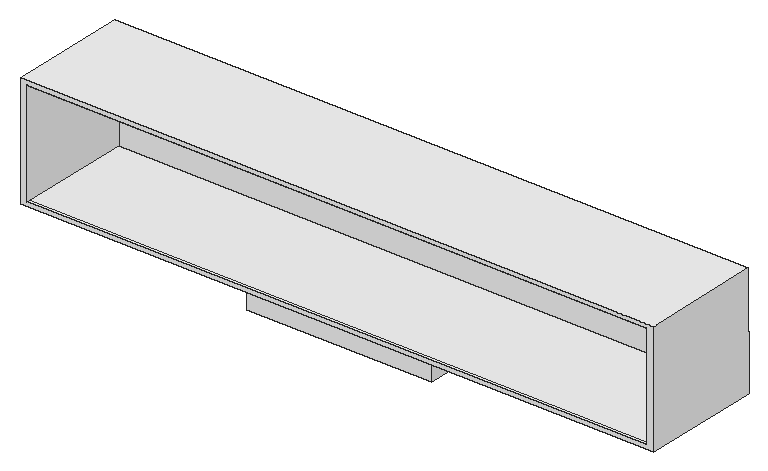
Revit family "4L-W-D", category Lighting Fixtures, host Face, Revit 2021
Family settings
  Host = Face
  Round Connector Dimension = Use Diameter
  Part Type = Normal
  OmniClass Number = 23.80.70.11.14.17
  OmniClass Title = Direct/Indirect
  Cut with Voids When Loaded = No
  Light Source = Yes
  Shared = Yes
  Room Calculation Point = No
Parameters (values of type "4L-W-D-02")
  zz YesNo 2 = no
  zz YesNo 1 = yes
  Wattage = 4 W
  Warranty = "5-Years Warranty"  # constant formula
  built-in parameter 1150110 = 1 (stored number, unit not read)
  Voltage = 120 V
  Type Comments = "Lighting Fixture"  # constant formula
  built-in parameter 1114217 = 1 (stored number, unit not read)
  Tilt Angle = -90.00°
  built-in parameter 1150109 = 1 (stored number, unit not read)
  built-in parameter 1150134 = (empty or 0)
  built-in parameter 1150113 = 1 (stored number, unit not read)
  Product Page URL = ""
  Product Documentation Link = ""
  Power Factor = 1
  Photometric Web File = "4L-W-AD-4-ASYM-X-CX-35K-D030.ies"
  Photometric Notes = "For more Photometric web files please find the photmetric web link"  # constant formula
  zz Length 1 = 2' - 0"
  Wattage Comments = ""
  URL = "https://www.currentlighting.com/litecontrol"
  Mounting = "Wall-Mount"  # constant formula
  Model = "MOD 4 LED Wall Direct"  # constant formula
  Manufacturer = "Litecontrol"  # constant formula
  built-in parameter 1150105 = 39.789 (stored number, unit not read)
  Lumens = 500 lm
  built-in parameter 1150115 = 1 (stored number, unit not read)
  Load Classification = Lighting
  built-in parameter 1150137 = (empty or 0)
  built-in parameter 1150139 = (empty or 0)
  built-in parameter 1150112 = 1 (stored number, unit not read)
  built-in parameter 1150114 = 1 (stored number, unit not read)
  Lamp = "LED"  # constant formula
  built-in parameter 1150132 = (empty or 0)
  built-in parameter 1150102 = (empty or 0)
  built-in parameter 1150107 = 3500 (stored number, unit not read)
  built-in parameter 1150138 = (empty or 0)
  built-in parameter 1150106 = 0.39789 (stored number, unit not read)
  Glass = Glass - White
  Fixture Distribution = "Direct"  # constant formula
  Emit from Rectangle Width = zz Length 1 - 0' 0 1/2"  # 1' - 11 1/2"
  Emit from Rectangle Length = 0' - 4"  # constant formula
  Emit Shape Visible in Rendering = no
  built-in parameter 1150104 = 11.613 (stored number, unit not read)
  Dimming Lamp Color Temperature Shift = <None>
  Diming Protocol = "0-10V, Lutron 2-Wire, Lutron 3-Wire, Lutron Ecosystem Digital, Step-dimming"  # constant formula
  Description = "The MOD™ 4L LED Wall Direct (4L-W-D) is part of the MODx family, which is an affordably-priced, full-featured offering with best-in-class attention to detail."  # constant formula
  Default Elevation = 4' - 0"
  Copyright = "Copyright © Litecontrol"  # constant formula
  Contact Us = ""
  Color Filter = 16777215
  built-in parameter 1114218 = 1 (stored number, unit not read)
  Housing Material = Paint -  Matte White
  built-in parameter 1150133 = 10 (stored number, unit not read)
  Assembly Code = "D5020200"
  Apparent Load = 0 VA
Types (7): name | zz YesNo 2 | zz YesNo 1 | zz Length 1 | Emit from Rectangle Width
  (no name) | no | yes | 2' - 0" | 1' - 11 1/2"
  4L-W-D-02 | no | yes | 2' - 0" | 1' - 11 1/2"
  4L-W-D-03 | yes | no | 3' - 0" | 2' - 11 1/2"
  4L-W-D-04 | yes | no | 4' - 0" | 3' - 11 1/2"
  4L-W-D-05 | yes | no | 5' - 0" | 4' - 11 1/2"
  4L-W-D-06 | yes | no | 6' - 0" | 5' - 11 1/2"
  4L-W-D-08 | yes | no | 8' - 0" | 7' - 11 1/2"
Reference planes (in)
  plane 1 "Center (Front/Back)": y = 11.51342
  plane 2: z = 0
  plane 3 "Center (Left/Right)": x = 0
Dimensions and locks (in)
  aligned and locked: plane 2 to host face
  aligned and locked: level to host face
  aligned and locked: plane 3 "Center (Left/Right)" to imposter light
  aligned and locked: plane 3 "Center (Left/Right)" to nested 1
  aligned and locked: imposter light to plane 1 "Center (Front/Back)"
  aligned and locked: nested 1 to plane 2
Nested families (in)
  nested 1: "4L" at (-0.01104, 14.51342, 2.76501) x (1, 0, 0) z (0, -1, 0), Glass <- "Glass", Backbox <- "Housing Material", Length <- "zz Length 1", type "22-W"
    with W1 0' - 4", W 0' - 4 1/4", Length 2' - 0", Glass Glass - White, Backbox Paint -  Matte White, zz YesNo 2 no
Connectors (in)
  electrical at (0, 12.26342, 0.68), driven by "Load Classification", driven by "Voltage", driven by "Apparent Load", driven by "Power Factor"
    settings: on nested 1, index 1, voltage 120 V, apparent load 0 VA, apparent load phase1 0 VA, apparent load phase2 0 VA, apparent load phase3 0 VA, power factor 1, load classification "Lighting", number of poles 1, system type 30, power factor state 1, is connector primary yes, connector utility no, sub classification motor no, connector description "Electrical Connector"
Definition of nested family "4L"
  Parameters
    zz YesNo 2 = yes
    zz YesNo 1 = yes
    Wattage Comments = ""
    W1 [instance] = 0' - 4"
    W [instance] = 0' - 4 1/4"
    URL = ""
    Model = ""
    Manufacturer = ""
    Length [instance] = 6' - 0"
    Lamp = ""
    Glass [instance] = none
    Description = ""
    Default Elevation = 4' - 0"
    Backbox [instance] = none
    Apparent Load = 0 VA
  Reference planes (in)
    plane 1 "Center (Front/Back)": y = 0.03999
    plane 2: z = 0
    plane 3 "Center (Left/Right)": x = 0.01104
    plane 4: z = 4.5
    plane 5: z = 1
    plane 6: x = -35.98896
    plane 7: x = 36.01104
    plane 8: x = -35.73896
    plane 9: x = 35.76104
    plane 10: y = 2.03999
    plane 11: y = -1.96001
    plane 12: y = -2.08501
    plane 13: y = 2.16499
    plane 14: z = 0.125
    plane 15: y = -2.76501
    plane 16: z = 4.375
    plane 17: x = -29.98896
    plane 18: x = -33.48896
    plane 19: x = -26.48896
    plane 20: x = 30.01104
    plane 21: x = 33.51104
    plane 22: x = 26.51104
    plane 23: x = -3.48896
    plane 24: x = 3.51104
  Forms (in)
    Extrusion 1, solid
      sketch origin (0, 0, 0.06357) x (1, 0, 0) y (0, 1, 0)
        loop
          line (-48, 48) -> (-48, -48) -> (48, -48) -> (48, 48) -> (-48, 48)
      from -0.06357 to -12.81105
    Extrusion 2, void
      sketch origin (-23.78896, 8.13374, 2) x (0, -1, 0) y (1, 0, 0)
        loop
          line (6.09375, -11.95) -> (10.09375, -11.95) -> (10.09375, 59.55) -> (6.09375, 59.55) -> (6.09375, -11.95)
      from 2.5 to -2
    Extrusion 3, solid, material <- "Backbox"
      sketch origin (0.01104, 0, 0) x (0, 1, 0) y (0, 0, 1)
        loop
          line (2.16499, 4.5) -> (-2.08501, 4.5) -> (-2.08501, 0) -> (2.16499, 0) -> (2.16499, 4.5)
      from -36 to 36
    Extrusion 4, solid, material <- "Glass"
      sketch origin (0, 0, 4.3125) x (0, -1, 0) y (1, 0, 0)
        loop
          line (-2.03999, -35.73896) -> (1.96001, -35.73896) -> (1.96001, 35.76104) -> (-2.03999, 35.76104) -> (-2.03999, -35.73896)
      from 0.0625 to 0.1875
    Extrusion 5, solid, material <- "Backbox", visible <- "zz YesNo 2"
      sketch origin (0.01104, 0, 0) x (0, 1, 0) y (0, 0, 1)
        loop
          line (-2.08501, 4.375) -> (-2.76501, 4.375) -> (-2.76501, 0.125) -> (-2.08501, 0.125) -> (-2.08501, 4.375)
      from 26.5 to 33.5
    Extrusion 6, solid, material <- "Backbox", visible <- "zz YesNo 2"
      sketch origin (0.01104, 0, 0) x (0, 1, 0) y (0, 0, -1)
        loop
          line (-2.08501, -4.375) -> (-2.08501, -0.125) -> (-2.76501, -0.125) -> (-2.76501, -4.375) -> (-2.08501, -4.375)
      from 26.5 to 33.5
    Extrusion 7, solid, material <- "Backbox", visible <- "zz YesNo 1"
      sketch origin (18.01104, 0, 0) x (0, 1, 0) y (0, 0, -1)
        loop
          line (-2.08501, -4.375) -> (-2.08501, -0.125) -> (-2.76501, -0.125) -> (-2.76501, -4.375) -> (-2.08501, -4.375)
      from 14.5 to 21.5
    Extrusion 8, solid, material <- "Backbox"
      sketch origin (0, 0, -1.3125) x (1, 0, 0) y (0, 1, 0)
        loop
          line (-35.73896, 2.03999) -> (-35.73896, -1.96001) -> (35.76104, -1.96001) -> (35.76104, 2.03999) -> (-35.73896, 2.03999)
      from 1.3125 to 1.4375
  Cuts and joins
    Extrusion 2 cuts Extrusion 3
  Dimensions and locks (in)
    "Length": plane 7 to plane 6
    locked: plane 8 to plane 6 at 0.25
    locked: plane 7 to plane 9 at 0.25
    equal spacing: plane 7, plane 3 "Center (Left/Right)", plane 6
    plane 10 to plane 11 = 0' - 4"
    equal spacing: plane 10, plane 1 "Center (Front/Back)", plane 11
    "W": plane 12 to plane 13
    plane 12 to plane 1 "Center (Front/Back)" = 0' - 2 1/8"
    equal spacing: plane 13, plane 1 "Center (Front/Back)", plane 12
    plane 4 to plane 2 = 0' - 4 1/2"
    plane 14 to plane 2 = 0' - 0 1/8"
    locked: plane 5 to plane 2 at 1
    plane 12 to plane 15 = 0' - 0.68"
    locked: plane 4 to plane 16 at 0.125
    locked: plane 17 to plane 6 at 6
    plane 19 to plane 17 to plane 18 = 0' - 3 1/2" locked, 0' - 3 1/2" locked
    plane 21 to plane 20 to plane 22 = 0' - 3 1/2" locked, 0' - 3 1/2" locked
    plane 24 to plane 3 "Center (Left/Right)" to plane 23 = 0' - 3 1/2" locked, 0' - 3 1/2" locked
    locked: plane 20 to plane 7 at 6
    equal spacing: plane 11, plane 1 "Center (Front/Back)", plane 10
    "W1": plane 11 to plane 10
    aligned and locked: plane 2 to Extrusion 1
    aligned and locked: plane 10 to Extrusion 2 sketch curve
    aligned and locked: plane 11 to Extrusion 2 sketch curve
    aligned and locked: plane 4 to Extrusion 3 sketch curve
    aligned and locked: plane 13 to Extrusion 3 sketch curve
    aligned and locked: Extrusion 3 sketch curve to level
    aligned and locked: plane 12 to Extrusion 3 sketch curve
    aligned and locked: Extrusion 3 to plane 6
    aligned and locked: plane 7 to Extrusion 3
    aligned and locked: plane 9 to Extrusion 2
    aligned and locked: Extrusion 2 to plane 8
    aligned and locked: Extrusion 5 sketch curve to plane 14
    aligned and locked: plane 16 to Extrusion 5
    aligned and locked: Extrusion 5 to plane 14
    aligned and locked: Extrusion 5 to plane 12
    aligned and locked: Extrusion 5 to plane 21
    aligned and locked: Extrusion 5 to plane 22
    aligned and locked: Extrusion 6 to plane 18
    aligned and locked: Extrusion 6 to plane 19
    aligned and locked: Extrusion 7 to plane 23
    aligned and locked: Extrusion 7 to plane 24
    aligned and locked: plane 4 to Extrusion 4
    aligned and locked: Extrusion 4 to Extrusion 5
    aligned and locked: plane 4 to Extrusion 2
    aligned and locked: Extrusion 2 to level
    aligned and locked: plane 14 to Extrusion 8
    aligned and locked: Extrusion 8 to level
    aligned and locked: plane 15 to Extrusion 5
  Automatic sketch dimensions
    Extrusion 1 sketch curve to Extrusion 1 sketch curve = 8' - 0"  (x2)
    Extrusion 2 sketch curve to plane 8 = 0' - 0"
    Extrusion 2 sketch curve to plane 9 = 0' - 0"
    Extrusion 4 sketch curve to plane 9 = 0' - 0"
    plane 10 to Extrusion 4 sketch curve = 0' - 0"
    Extrusion 4 sketch curve to plane 8 = 0' - 0"
    Extrusion 4 sketch curve to plane 11 = 0' - 0"
    Extrusion 5 sketch curve to plane 15 = 0' - 0"
    Extrusion 5 sketch curve to plane 12 = 0' - 0"
    Extrusion 5 sketch curve to plane 16 = 0' - 0"
    Extrusion 6 sketch curve to plane 15 = 0' - 0"
    Extrusion 6 sketch curve to plane 12 = 0' - 0"
    Extrusion 6 sketch curve to plane 16 = 0' - 0"
    Extrusion 6 sketch curve to plane 14 = 0' - 0"
    Extrusion 7 sketch curve to plane 15 = 0' - 0"
    Extrusion 7 sketch curve to plane 12 = 0' - 0"
    Extrusion 7 sketch curve to plane 16 = 0' - 0"
    Extrusion 7 sketch curve to plane 14 = 0' - 0"
    Extrusion 8 sketch curve to plane 8 = 0' - 0"
    Extrusion 8 sketch curve to plane 9 = 0' - 0"
    Extrusion 8 sketch curve to plane 11 = 0' - 0"
    plane 10 to Extrusion 8 sketch curve = 0' - 0"
